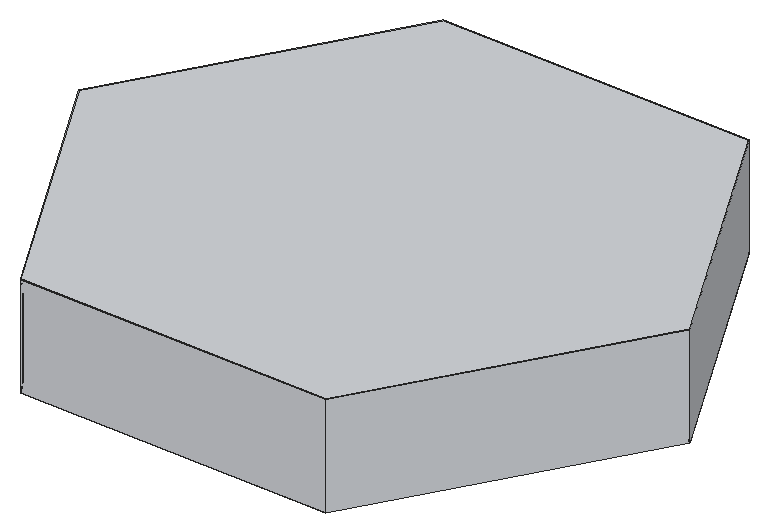
Revit family "FK037-18x15.5xX-Z", category Furniture, Revit 2019
Family settings
  OmniClass Number = 23.40.20.00
  OmniClass Title = General Furniture and Specialties
  Work Plane-Based = No
  Always vertical = Yes
  Cut with Voids When Loaded = No
  Shared = No
  Room Calculation Point = No
Parameters (values of type "FK037-18x15.5x3-Z")
  hEIGHT = 0' - 3"
  Width = 0' - 10"
  URL = "https://fomcore.com/"
  Type Comments = "Lilypad Series"  # constant formula
  Side = none
  Seat = none
  Model = "FK037-18x15.5x3-Z"
  Manufacturer = "Fomcore"  # constant formula
  Length = 3' - 4"
  Description = "3\" Hexy Lily Pad, 18\"Lx15.5\"Wx3\"H, Zippered (Minimum Order of 10 Quantity)"
Types (3): name | hEIGHT | Model | Description
  (no name) | 0' - 3" | "FK037-18x15.5x3-Z" | "3\" Hexy Lily Pad, 18\"Lx15.5\"Wx3\"H, Zippered (Minimum Order of 10 Quantity)"
  FK037-18x15.5x3-Z | 0' - 3" | "FK037-18x15.5x3-Z" | "3\" Hexy Lily Pad, 18\"Lx15.5\"Wx3\"H, Zippered (Minimum Order of 10 Quantity)"
  FK037-18x15.5x6-Z | 0' - 6" | "FK037-18x15.5x6-Z" | "6\" Hexy Lily Pad, 18\"Lx15.5\"Wx6\"H, Zippered (Minimum Order of 5 Quantity)"
Reference planes (in)
  plane 1 "Center Front/Back": y = 0
  plane 2: z = 0
  plane 3 "Center Left/Right": x = 0
  plane 4: z = 3
Forms (in)
  Sweep 1, solid, material <- "Side"
    path origin (-8, 0, 0) x (1, 0, 0) y (0, 1, 0)
      loop
        line (12.5, -7.79423) -> (17, 0) -> (12.5, 7.79423) -> (3.5, 7.79423) -> (-1, 0) -> (3.5, -7.79423) -> (12.5, -7.79423)
    profile origin (0, -7.79423, 0) x (0, -1, 0) y (0, 0, 1)
      loop
        line (0, 0) -> (0, 3) -> (-0.05812, 2.78309) -> (-0.05812, 0.25765) -> (0, 0)
  Blend 2, solid, material <- "Seat"
    base sketch origin (-8, 0, 0) x (1, 0, 0) y (0, 1, 0)
      loop
        line (12.5, 7.79423) -> (3.5, 7.79423) -> (-1, 0) -> (3.5, -7.79423) -> (12.5, -7.79423) -> (17, 0) -> (12.5, 7.79423)
    top sketch origin (-8, 0, 0) x (1, 0, 0) y (0, 1, 0)
      loop
        line (3.53356, 7.73611) -> (-0.93289, 0) -> (3.53356, -7.73611) -> (12.46644, -7.73611) -> (16.93289, 0) -> (12.46644, 7.73611) -> (3.53356, 7.73611)
    from 0 to 0.25765
  Blend 3, solid, material <- "Seat"
    base sketch origin (-8, 0, 6) x (0, -1, 0) y (1, 0, 0)
      loop
        line (-7.79423, 12.5) -> (-7.79423, 3.5) -> (0, -1) -> (7.79423, 3.5) -> (7.79423, 12.5) -> (0, 17) -> (-7.79423, 12.5)
    top sketch origin (-8, 0, 6) x (0, -1, 0) y (1, 0, 0)
      loop
        line (-7.73611, 3.53356) -> (0, -0.93289) -> (7.73611, 3.53356) -> (7.73611, 12.46644) -> (0, 16.93289) -> (-7.73611, 12.46644) -> (-7.73611, 3.53356)
    from -3 to -3.21691
Dimensions and locks (in)
  "hEIGHT": plane 4 to level
  aligned and locked: level to plane 2
  aligned and locked: plane 4 to Sweep 1 sketch curve
  aligned and locked: Blend 3 to Sweep 1  (x2)
Automatic sketch dimensions
  plane 1 "Center Front/Back" to Sweep 1 sketch curve = 0' - 0"  (x2)
  Sweep 1 sketch curve to plane 3 "Center Left/Right" = 0' - 9"
  Sweep 1 sketch curve to plane 3 "Center Left/Right" = 0' - 4 1/2"  (x2)
  plane 3 "Center Left/Right" to Sweep 1 sketch curve = 0' - 4 1/2"  (x2)
  Sweep 1 sketch curve to Sweep 1 sketch curve = 0' - 4 1/2"
  Sweep 1 sketch curve to level = 0' - 0"
  Sweep 1 sketch curve to profile plane = 0' - 0"
  profile plane to Sweep 1 sketch curve = 0' - 0.05812"
  level to Sweep 1 sketch curve = 0' - 0.25765"
  Sweep 1 sketch curve to Sweep 1 sketch curve = 0' - 0.21691"
  plane 1 "Center Front/Back" to Blend 2 sketch curve = 0' - 0"  (x4)
  Blend 2 sketch curve to plane 3 "Center Left/Right" = 0' - 9"
  Blend 2 sketch curve to plane 3 "Center Left/Right" = 0' - 4 1/2"  (x2)
  plane 3 "Center Left/Right" to Blend 2 sketch curve = 0' - 4 1/2"  (x2)
  Blend 2 sketch curve to Blend 2 sketch curve = 0' - 4 1/2"
  Blend 2 sketch curve to plane 3 "Center Left/Right" = 0' - 8.93289"
  Blend 2 sketch curve to plane 3 "Center Left/Right" = 0' - 4.46644"  (x2)
  plane 3 "Center Left/Right" to Blend 2 sketch curve = 0' - 4.46644"  (x2)
  Blend 2 sketch curve to Blend 2 sketch curve = 0' - 4.46644"
  plane 1 "Center Front/Back" to Blend 3 sketch curve = 0' - 0"  (x4)
  Blend 3 sketch curve to plane 3 "Center Left/Right" = 0' - 9"
  Blend 3 sketch curve to plane 3 "Center Left/Right" = 0' - 4 1/2"  (x2)
  plane 3 "Center Left/Right" to Blend 3 sketch curve = 0' - 4 1/2"  (x2)
  Blend 3 sketch curve to Blend 3 sketch curve = 0' - 4 1/2"
  Blend 3 sketch curve to plane 3 "Center Left/Right" = 0' - 8.93289"
  Blend 3 sketch curve to plane 3 "Center Left/Right" = 0' - 4.46644"  (x2)
  plane 3 "Center Left/Right" to Blend 3 sketch curve = 0' - 4.46644"  (x2)
  Blend 3 sketch curve to Blend 3 sketch curve = 0' - 4.46644"
  plane 1 "Center Front/Back" to Sweep 1 sketch curve = 0' - 7.79423"
  plane 1 "Center Front/Back" to Blend 2 sketch curve = 0' - 7.79423"
  plane 1 "Center Front/Back" to Blend 2 sketch curve = 0' - 7.73611"
  plane 1 "Center Front/Back" to Blend 3 sketch curve = 0' - 7.79423"
  plane 1 "Center Front/Back" to Blend 3 sketch curve = 0' - 7.73611"
  Sweep 1 sketch curve to plane 1 "Center Front/Back" = 0' - 7.79423"
  Blend 2 sketch curve to plane 1 "Center Front/Back" = 0' - 7.79423"
  Blend 2 sketch curve to plane 1 "Center Front/Back" = 0' - 7.73611"
  Blend 3 sketch curve to plane 1 "Center Front/Back" = 0' - 7.79423"
  Blend 3 sketch curve to plane 1 "Center Front/Back" = 0' - 7.73611"
